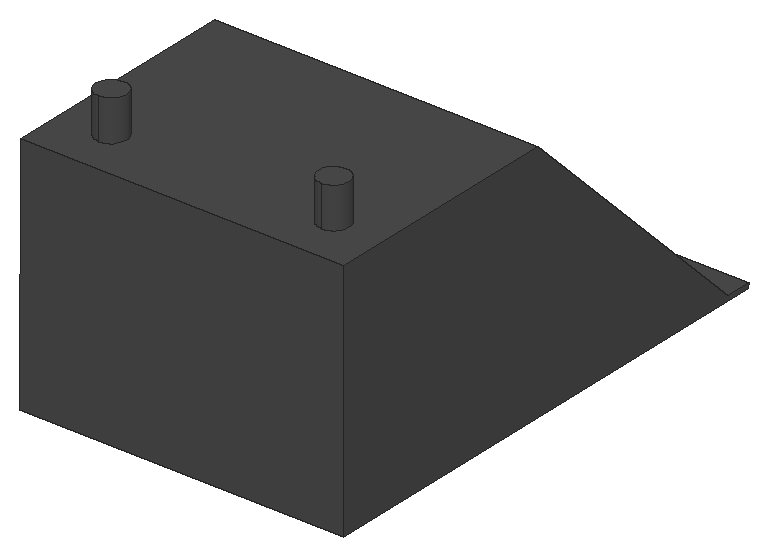
Revit family "BirdControl_Charger_BirdBGone_Solar", category Specialty Equipment, Revit 2018
Family settings
  Round Connector Dimension = Use Diameter
  Part Type = Normal
  OmniClass Number = 23.40.10.14.14.99
  OmniClass Title = Other Manufactured Exterior Specialties
  Work Plane-Based = Yes
  Always vertical = No
  Cut with Voids When Loaded = No
  Shared = No
  Room Calculation Point = No
Parameters (values of type "SCR740")
  offset [instance] = 0' - 0"
  Warranty Duration (Years) = 0
  Unit Width = 0' - 8"
  Unit Height = 1' - 0"
  Unit Depth = 0' - 6"
  URL = "http://www.birdbgone.com/"
  Test Data = "http://www.birdbgone.com/bird-control-product-msds"
  Specification = "http://www.arcat.com/sdspecs/htm/10290bir.htm"
  SpecWizard = ""
  Send Message = "http://www.arcat.com/users.pl?action=UserEmail&company=Bird-B-Gone,%20Inc.&coid=38371&rep=147&fax=949-472-3116&mf="
  Sales Information = "http://www.birdbgone.com/bird-control-store/"
  Revision = "R1_10-2010"
  Product Properties = "http://www.arcat.com/bim/bim_info.pl?fn=BirdBGone"
  Product Data = "http://www.arcat.com/arcatcos/cos38/arc38371.html"
  Model = "As Specified in 10 81 19"
  Material [instance] = Metal - Bird B Gone - Black
  Manufacturer Website = "http://www.birdbgone.com/"
  Manufacturer Phone - Toll Free = "800-392-6915"
  Manufacturer Phone = "949-472-3122"
  Manufacturer Fax = "949-472-3116"
  Manufacturer Address = "23918 Skyline, Mission Viejo, CA 92692"
  Manufacturer = "Bird-B-Gone, Inc."
  Maintenance Schedule (Months) = 0
  Keynote = "10 81 19"
  Installation-Fabrication = "http://www.birdbgone.com/installation-instructions"
  Installation Phase = ""
  Green Building-LEED = "http://www.arcat.com/green/clients/leed_data_38371.html"
  Expected Lifespan (Years) = 0
  Drawn By = "Robert S. Weygant, CSI, CDT, SCIP"
  Description = "Bird Control Equipment as Specified in 10 81 19"
  Default Elevation = 4' - 0"
  Copyright = "wt"
  Construction Details = "http://www.arcat.com/details/birdbgon/birdbgon.html?coid=38371"
  Building Codes = "http://www.birdbgone.com/knowledge-center/"
  Assembly Code = "E1090900"
Reference planes (in)
  plane 1 "Center (Front/Back)": y = 0
  plane 2 "Bottom": z = 0
  plane 3 "Center (Left/Right)": x = 0
  plane 4 "Top": z = 6
  plane 5: x = -4
  plane 6: x = 4
  plane 7: y = 6
  plane 8: y = -6
Forms (in)
  Extrusion 1, solid, material "Metal - Bird B Gone - Black" <- "Material", detail levels medium+fine
    sketch origin (0, 0, 0) x (0, 1, 0) y (0, 0, 1)
      loop
        line (5.875, 0.125) -> (0, 6) -> (-6, 6) -> (-6, 0) -> (6.5, 0) -> (6.5, 0.125) -> (5.875, 0.125)
    from -4 to 4
  Extrusion 2, solid, material "Metal - Bird B Gone - Black" <- "Material", detail levels medium+fine
    sketch origin (-1.25, 1.25, 6) x (0, -1, 0) y (1, 0, 0)
      loop
        circle (6, 4) r 0.375
    from 0 to 1
  Extrusion 3, solid, material "Metal - Bird B Gone - Black" <- "Material", detail levels medium+fine
    sketch origin (1.25, 1.25, 6) x (0, -1, 0) y (1, 0, 0)
      loop
        circle (6, -4) r 0.375
    from 0 to 1
Cuts and joins
  joined: Extrusion 1, Extrusion 2, Extrusion 3
Lines and regions (in)
  model lines, style "Bird Control", detail levels fine
    curve 1: line (3.5, 0.35355, 5.64645) -> (3.5, 5.52145, 0.47855)
    curve 2: line (-3.5, 0.35355, 5.64645) -> (3.5, 0.35355, 5.64645)
    curve 3: line (-3.5, 5.52145, 0.47855) -> (-3.5, 0.35355, 5.64645)
    curve 4: line (3.5, 5.52145, 0.47855) -> (-3.5, 5.52145, 0.47855)
    curve 5: line (1, -0.5, 6) -> (1, -1, 6)
    curve 6: line (-1, -0.5, 6) -> (1, -0.5, 6)
    curve 7: line (-1, -1, 6) -> (-1, -0.5, 6)
    curve 8: line (1, -1, 6) -> (-1, -1, 6)
    curve 9: circle (0, -4.75, 6) r 0.25 normal (0, 0, 1)
Dimensions and locks (in)
  "Unit Depth": plane 4 "Top" to level
  equal spacing: plane 5, plane 3 "Center (Left/Right)", plane 6
  "Unit Width": plane 5 to plane 6
  equal spacing: plane 7, plane 1 "Center (Front/Back)", plane 8
  "Unit Height": plane 7 to plane 8
  aligned and locked: Extrusion 1 to plane 5
  aligned and locked: Extrusion 1 to plane 6
Automatic sketch dimensions
  Extrusion 1 sketch curve to level = 0' - 0"
  Extrusion 1 sketch curve to plane 8 = 0' - 0"
  Extrusion 1 sketch curve to plane 1 "Center (Front/Back)" = 0' - 0"
  Extrusion 1 sketch curve to plane 4 "Top" = 0' - 0"
  Extrusion 1 sketch curve to plane 7 = 0' - 0 1/8"
  level to Extrusion 1 sketch curve = 0' - 0 1/8"
  plane 7 to Extrusion 1 sketch curve = 0' - 0 1/2"
  Extrusion 1 to curve 1 = 0' - 0 1/2"
  Extrusion 1 to curve 3 = 0' - 0 1/2"  (x2)
  Extrusion 1 to curve 2 = 0' - 0 1/2"
  Extrusion 2 sketch curve to Extrusion 1 = 0' - 1 1/4"
  Extrusion 1 to Extrusion 2 sketch curve = 0' - 1 1/4"
  Extrusion 3 sketch curve to Extrusion 1 = 0' - 1 1/4"
  Extrusion 1 to Extrusion 3 sketch curve = 0' - 1 1/4"
  curve 7 to Extrusion 1 = 0' - 0 1/2"
  curve 6 to curve 7 = 0' - 0 1/2"
  curve 9 to Extrusion 1 = 0' - 1 1/4"
  Extrusion 1 to curve 8 = 0' - 3"
  curve 7 to curve 9 = 0' - 1"
  curve 7 to curve 8 = 0' - 2"
  radius of Extrusion 2 sketch curve = 0' - 0 3/8"
  radius of Extrusion 3 sketch curve = 0' - 0 3/8"
  radius of curve 9 = 0' - 0 1/4"
